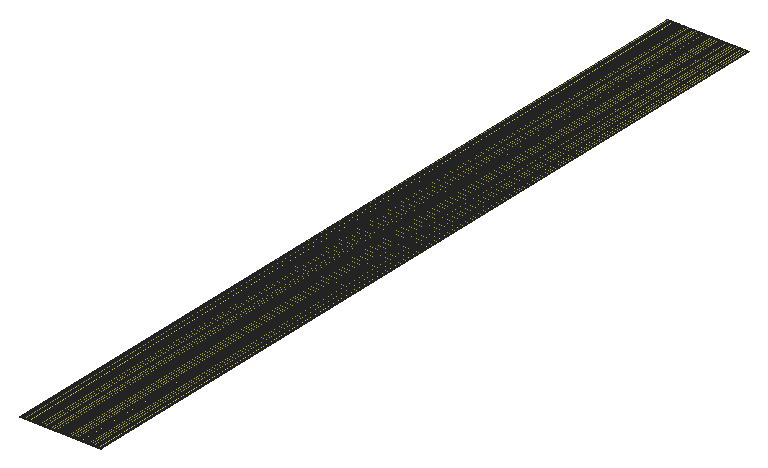
Revit family "111213058058100", category Modelos genéricos, Revit 2018
Family settings
  Puede alojar armadura = No
  Cota de conector redondo = Diámetro de uso
  Tipo de pieza = Normal
  Se basa en plano de trabajo = No
  Siempre vertical = No
  Corte con vacíos al cargar = No
  Compartido = No
  Punto de cálculo de habitación = No
Parameters (values of type "DESCANSO NEO PVC 300MM AMARILLO TIRA 3.00")
  Ventajas = "Autoextinguible"
  Uso = "Es un producto que se instala en los descansos de las escaleras, es una solución\r\nfabricada en PVC, ideal para zonas de medio y alto trafico, con estrías antideslizantes.\r\nIdeal para: Edificios Públicos y Privados, Colegios, Universidades, Centros comerciales,\r\nAeropuertos, Hoteles, Edificios Habitacionales, entre otros."
  Unidad = "Tiras de 1.20 Mts y 3.00 Mts."
  URL = "https://www.empresascnp.cl/"
  Num SKUs = "111213058058100"
  Nombre SKU = "DESCANSO NEO PVC 300MM AMARILLO TIRA 3MT"
  Modelo = "DESCANSO NEO PVC 300MM"
  Material = PVC flexible amarillo
  Url Ficha tecnica = "https://empresascnp.cl/wp-content/uploads//pdf/ficha-tecnica-descanso-neo-pvc-300mm-negro-tira-3mt.pdf"
  Largo = 3000.00 mm
  Espesor = 2.00 mm
  Empresa = "CNP SPA."
  Dureza = "80 shore A"
  Dimension = 300.00 mm
  Descripción = "Grada Neo 300x50 MM."
  Contacto = "info@empresascnp.cl"
  Color = "AMARILLO"
  Aplicacion = "Escaleras"
  Alto = 50.00 mm
Reference planes
  plane 1 "Center F/B": y = 0
  plane 2: z = 0
  plane 3 "Center L/R": x = 0
  plane 4: z = -50
  plane 5 "2": y = 1500
  plane 6 "3": y = -1500
  plane 7: x = 300
  plane 8: z = -2
  plane 9 "4": x = 2
Forms (mm)
  Extrusion 1, solid, material "PVC flexible amarillo" <- "Material"
    sketch origin (0, 0, 0) x (1, 0, 0) y (0, 0, 1)
      loop
        line (300, -0.79) -> (299, -0.79) -> (299, 0) -> (297, 0) -> (297, -0.79) -> (296, -0.79) -> (296, 0) -> (294, 0) -> (294, -0.79) -> (293, -0.79) -> (293, 0) -> (291, 0) -> (291, -0.79) -> (287, -0.79) -> (287, 0) -> (285, 0) -> (285, -0.79) -> (284, -0.79) -> (284, 0) -> (282, 0) -> (282, -0.79) -> (281, -0.79) -> (281, 0) -> (279, 0) -> (279, -0.79) -> (278, -0.79) -> (278, 0) -> (276, 0) -> (276, -0.79) -> (272, -0.79) -> (272, 0) -> (270, 0) -> (270, -0.79) -> (269, -0.79) -> (269, 0) -> (267, 0) -> (267, -0.79) -> (266, -0.79) -> (266, 0) -> (264, 0) -> (264, -0.79) -> (263, -0.79) -> (263, 0) -> (261, 0) -> (261, -0.79) -> (257, -0.79) -> (257, 0) -> (255, 0) -> (255, -0.79) -> (254, -0.79) -> (254, 0) -> (252, 0) -> (252, -0.79) -> (251, -0.79) -> (251, 0) -> (249, 0) -> (249, -0.79) -> (248, -0.79) -> (248, 0) -> (246, 0) -> (246, -0.79) -> (242, -0.79) -> (242, 0) -> (240, 0) -> (240, -0.79) -> (239, -0.79) -> (239, 0) -> (237, 0) -> (237, -0.79) -> (236, -0.79) -> (236, 0) -> (234, 0) -> (234, -0.79) -> (233, -0.79) -> (233, 0) -> (231, 0) -> (231, -0.79) -> (227, -0.79) -> (227, 0) -> (225, 0) -> (225, -0.79) -> (224, -0.79) -> (224, 0) -> (222, 0) -> (222, -0.79) -> (221, -0.79) -> (221, 0) -> (219, 0) -> (219, -0.79) -> (218, -0.79) -> (218, 0) -> (216, 0) -> (216, -0.79) -> (212, -0.79) -> (212, 0) -> (210, 0) -> (210, -0.79) -> (209, -0.79) -> (209, 0) -> (207, 0) -> (207, -0.79) -> (206, -0.79) -> (206, 0) -> (204, 0) -> (204, -0.79) -> (203, -0.79) -> (203, 0) -> (201, 0) -> (201, -0.79) -> (197, -0.79) -> (197, 0) -> (195, 0) -> (195, -0.79) -> (194, -0.79) -> (194, 0) -> (192, 0) -> (192, -0.79) -> (191, -0.79) -> (191, 0) -> (189, 0) -> (189, -0.79) -> (188, -0.79) -> (188, 0) -> (186, 0) -> (186, -0.79) -> (182, -0.79) -> (182, 0) -> (180, 0) -> (180, -0.79) -> (179, -0.79) -> (179, 0) -> (177, 0) -> (177, -0.79) -> (176, -0.79) -> (176, 0) -> (174, 0) -> (174, -0.79) -> (173, -0.79) -> (173, 0) -> (171, 0) -> (171, -0.79) -> (167, -0.79) -> (167, 0) -> (165, 0) -> (165, -0.79) -> (164, -0.79) -> (164, 0) -> (162, 0) -> (162, -0.79) -> (161, -0.79) -> (161, 0) -> (159, 0) -> (159, -0.79) -> (158, -0.79) -> (158, 0) -> (156, 0) -> (156, -0.79) -> (152, -0.79) -> (152, 0) -> (150, 0) -> (150, -0.79) -> (149, -0.79) -> (149, 0) -> (147, 0) -> (147, -0.79) -> (146, -0.79) -> (146, 0) -> (144, 0) -> (144, -0.79) -> (143, -0.79) -> (143, 0) -> (141, 0) -> (141, -0.79) -> (137, -0.79) -> (137, 0) -> (135, 0) -> (135, -0.79) -> (134, -0.79) -> (134, 0) -> (132, 0) -> (132, -0.79) -> (131, -0.79) -> (131, 0) -> (129, 0) -> (129, -0.79) -> (128, -0.79) -> (128, 0) -> (126, 0) -> (126, -0.79) -> (122, -0.79) -> (122, 0) -> (120, 0) -> (120, -0.79) -> (119, -0.79) -> (119, 0) -> (117, 0) -> (117, -0.79) -> (116, -0.79) -> (116, 0) -> (114, 0) -> (114, -0.79) -> (113, -0.79) -> (113, 0) -> (111, 0) -> (111, -0.79) -> (107, -0.79) -> (107, 0) -> (105, 0) -> (105, -0.79) -> (104, -0.79) -> (104, 0) -> (102, 0) -> (102, -0.79) -> (101, -0.79) -> (101, 0) -> (99, 0) -> (99, -0.79) -> (98, -0.79) -> (98, 0) -> (96, 0) -> (96, -0.79) -> (92, -0.79) -> (92, 0) -> (90, 0) -> (90, -0.79) -> (89, -0.79) -> (89, 0) -> (87, 0) -> (87, -0.79) -> (86, -0.79) -> (86, 0) -> (84, 0) -> (84, -0.79) -> (83, -0.79) -> (83, 0) -> (81, 0) -> (81, -0.79) -> (77, -0.79) -> (77, 0) -> (75, 0) -> (75, -0.79) -> (74, -0.79) -> (74, 0) -> (72, 0) -> (72, -0.79) -> (71, -0.79) -> (71, 0) -> (69, 0) -> (69, -0.79) -> (68, -0.79) -> (68, 0) -> (66, 0) -> (66, -0.79) -> (62, -0.79) -> (62, 0) -> (60, 0) -> (60, -0.79) -> (59, -0.79) -> (59, 0) -> (57, 0) -> (57, -0.79) -> (56, -0.79) -> (56, 0) -> (54, 0) -> (54, -0.79) -> (53, -0.79) -> (53, 0) -> (51, 0) -> (51, -0.79) -> (47, -0.79) -> (47, 0) -> (45, 0) -> (45, -0.79) -> (44, -0.79) -> (44, 0) -> (42, 0) -> (42, -0.79) -> (41, -0.79) -> (41, 0) -> (39, 0) -> (39, -0.79) -> (38, -0.79) -> (38, 0) -> (36, 0) -> (36, -0.79) -> (32, -0.79) -> (32, 0) -> (30, 0) -> (30, -0.79) -> (29, -0.79) -> (29, 0) -> (27, 0) -> (27, -0.79) -> (26, -0.79) -> (26, 0) -> (24, 0) -> (24, -0.79) -> (23, -0.79) -> (23, 0) -> (21, 0) -> (21, -0.79) -> (17, -0.79) -> (17, 0) -> (15, 0) -> (15, -0.79) -> (14, -0.79) -> (14, 0) -> (12, 0) -> (12, -0.79) -> (11, -0.79) -> (11, 0) -> (9, 0) -> (9, -0.79) -> (8, -0.79) -> (8, 0) -> (6, 0) -> (6, -0.79) -> (2, -0.79) -> (2, 0) -> (0, 0) -> (0, -2) -> (300, -2) -> (300, -0.79)
    from -1500 to 1500
Dimensions and locks
  "Alto": level to plane 4
  equal spacing: plane 6 "3", plane 1 "Center F/B", plane 5 "2"
  "Largo": plane 6 "3" to plane 5 "2"
  "Dimension": plane 7 to plane 3 "Center L/R"
  "Espesor": plane 2 to Extrusion 1 sketch curve
  aligned and locked: plane 6 "3" to Extrusion 1
  aligned and locked: Extrusion 1 to plane 5 "2"
  aligned and locked: Extrusion 1 sketch curve to plane 7
Automatic sketch dimensions
  Extrusion 1 sketch curve to level = 0.00 mm  (x80)
  Extrusion 1 sketch curve to plane 3 "Center L/R" = 0.00 mm
  Extrusion 1 sketch curve to plane 9 "4" = 0.00 mm
  plane 9 "4" to Extrusion 1 sketch curve = 4.00 mm
  Extrusion 1 sketch curve to Extrusion 1 sketch curve = 2.00 mm  (x78)
  Extrusion 1 sketch curve to Extrusion 1 sketch curve = 1.00 mm  (x59)
  Extrusion 1 sketch curve to level = 0.79 mm  (x77)
  Extrusion 1 sketch curve to Extrusion 1 sketch curve = 4.00 mm  (x19)
  Extrusion 1 sketch curve to plane 7 = 1.00 mm
  Extrusion 1 sketch curve to Extrusion 1 sketch curve = 0.79 mm  (x3)
